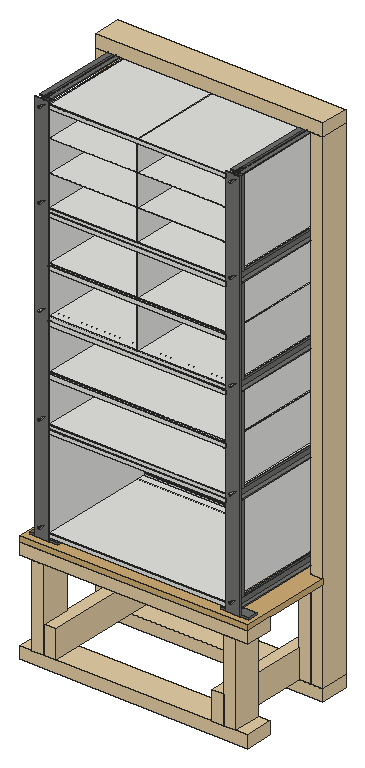
Revit family "Mailboxes_Aluminum-Data_Distribution_System-Salsbury_Industries-4_Unit_High_Wall_Installation", category Specialty Equipment, host Wall, Revit 2016
Family settings
  Host = Wall
  Part Type = Normal
  Round Connector Dimension = Use Diameter
  OmniClass Number = 23.40.90.14.11
  OmniClass Title = Mail Boxes
  Always vertical = Yes
  Cut with Voids When Loaded = No
  Shared = No
  Room Calculation Point = No
Parameters (values of type "Single Column Installation-2400 Series Mailboxes-4 High")
  Version = "2.0 (06/30/18)"
  URL = "www.mailboxes.com"
  Type Comments = "Data Distribution System for Aluminum Mailbox Units"
  Trim Material = Steel - Salsbury Finish - Black
  Starter and Add On Configuration (not applicable) = yes
  Starter Configuration (not applicable) = yes
  Rough Opening Width = 25.375"
  Rough Opening Height = 49.500"
  Rack Ladder Spacing = 23.875"
  Right RO Offset = 1.500"
  Rack Ladder Offset = 0.750"
  Rack Ladder Height = Rack Ladder Units : 2200C4
  Platform Material = Plywood
  OmniClass 23 Title = "Mail Boxes"
  OmniClass 23 Number = "23.40.90.14.11"
  Model = "2400 Series"
  MasterFormat Title = "Postal Specialties"
  MasterFormat Number = "10 55 00"
  Manufacturer = "Salsbury Industries"
  Lock Material = Stainless Steel -Salsbury Finish - Polished
  Left RO Offset = 1.500"
  Front Panel Material = Aluminum - Salsbury Finish - Aluminum
  End Column and Add On Configuration (not applicable) = yes
  Description = "4 Unit High  Installation - Single Column"
  Base Height [instance] = 13.780"
  Base Depth = 16.000"
  Back Enclosure Material = Steel - Salsbury Finish - Clear
  Assembly Code = "C1030910"
  2x4 Platform Support = Softwood, Lumber
  2400 Series Mailbox - Location 4 [instance] = Data Distribution Mailbox Units : 2406
  2400 Series Mailbox - Location 3 [instance] = Data Distribution Mailbox Units : 2404
  2400 Series Mailbox - Location 2 [instance] = Data Distribution Mailbox Units : 2402
  2400 Series Mailbox - Location 1 [instance] = Data Distribution Mailbox Units : 2401
Reference planes (in)
  plane 1 "Center of Wall": y = 0
  plane 2 "Center (Left/Right)": x = 0
  plane 3 "Front Face of Wall": y = 2.4375
  plane 4 "Left Side of RO": x = 12.6875
  plane 5 "Right Side of RO": x = -12.6875
  plane 6 "Top of RO": z = 63.28
  plane 7 "Bottom of RO": z = 13.78
  plane 8 "Back of Platform": y = -13.5625
  plane 9 "Floor": z = 0
  plane 10 "Back Face of Wall": y = -2.4375
  plane 11: y = -9.0625
  plane 12 "Base-Back Bottom Frame": z = 1.5
  plane 13 "Base-Back TopFrame": z = 11.655
  plane 14 "Base Center-Back TopFrame": z = 12.405
  plane 15 "Base Center-Back Bottom Frame": z = 0.75
  plane 16 "Bottom of Platform": z = 13.155
  plane 17 "Brace/Support Align-Right": x = -11.1875
  plane 18 "Brace/Support Align-Left": x = 11.1875
  plane 19 "Wall Opening Extension - Left": x = 14.1875
  plane 20 "Wall Opening Extension - Right": x = -14.1875
  plane 21 "Wall Opening Extension - Top": z = 64.78
  plane 22 "Right Rack Ladder Align": x = -11.9375
  plane 23 "Left Rack Ladder Align": x = 11.9375
  plane 24: z = 5
  plane 25: y = -1.75
  plane 26: y = 1.75
  plane 27 "Mail Align 1": z = 14.7175
  plane 28: z = 26.8425
  plane 29: z = 38.9675
  plane 30: z = 51.0925
  plane 31: z = 63.2175
  plane 32: z = 75.3425
  plane 33 "Center of Mailboxes": x = 0
  plane 34 "Mailbox Side Align": x = 11.5935
  plane 35: x = -12.6875
  plane 36: x = 12.6875
  plane 37: y = 2.0625
  plane 38: x = 9.6875
  plane 39: x = -9.6875
  plane 40: y = -10.0625
  plane 41 "15"AFF - Low Reach Limit": z = 15
Forms (in)
  Extrusion 1, void
    sketch origin (0, 0, 0) x (1, 0, 0) y (0, 0, 1)
      loop
        line (12.6875, 63.28) -> (-12.6875, 63.28) -> (-12.6875, 13.78) -> (12.6875, 13.78) -> (12.6875, 63.28)
    from -2.4375 to 2.4375
  Extrusion 2, void
    sketch origin (0, -2.4375, 0) x (-1, 0, 0) y (0, 0, 1)
      loop
        line (12.6875, 13.78) -> (-12.6875, 13.78) -> (-12.6875, 0) -> (12.6875, 0) -> (12.6875, 13.78)
    from 0 to 4.5
  Extrusion 3, solid, material "Softwood, Lumber" <- "2x4 Platform Support"
    sketch origin (0, 0, 0) x (1, 0, 0) y (0, 1, 0)
      loop
        line (14.1875, -13.5625) -> (14.1875, -10.0625) -> (-14.1875, -10.0625) -> (-14.1875, -13.5625) -> (14.1875, -13.5625)
    from 0 to 1.5
  Extrusion 4, solid, material "Softwood, Lumber" <- "2x4 Platform Support"
    sketch origin (0, 11.8125, 0) x (1, 0, 0) y (0, 1, 0)
      loop
        line (14.1875, -13.5625) -> (14.1875, -10.0625) -> (-14.1875, -10.0625) -> (-14.1875, -13.5625) -> (14.1875, -13.5625)
    from 0 to 1.5
  Extrusion 5, solid, material "Softwood, Lumber" <- "2x4 Platform Support"
    sketch origin (0, 0, 11.655) x (1, 0, 0) y (0, 1, 0)
      loop
        line (14.1875, -13.5625) -> (14.1875, -10.0625) -> (-14.1875, -10.0625) -> (-14.1875, -13.5625) -> (14.1875, -13.5625)
    from 0 to 1.5
  Extrusion 6, solid, material "Softwood, Lumber" <- "2x4 Platform Support"
    sketch origin (0, 0, 11.655) x (1, 0, 0) y (0, 1, 0)
      loop
        line (12.6875, -1.75) -> (12.6875, 1.75) -> (-12.6875, 1.75) -> (-12.6875, -1.75) -> (12.6875, -1.75)
    from 0 to 1.5
  Extrusion 7, solid, material "Softwood, Lumber" <- "2x4 Platform Support"
    sketch origin (-12.6875, 0, 0) x (0, 0, -1) y (0, 1, 0)
      loop
        line (-11.655, -13.5625) -> (-1.5, -13.5625) -> (-1.5, -10.0625) -> (-11.655, -10.0625) -> (-11.655, -13.5625)
    from 0 to 1.5
  Extrusion 8, solid, material "Softwood, Lumber" <- "2x4 Platform Support"
    sketch origin (-12.6875, 0, 0) x (0, 0, -1) y (0, 1, 0)
      loop
        line (-11.655, -1.75) -> (-1.5, -1.75) -> (-1.5, 1.75) -> (-11.655, 1.75) -> (-11.655, -1.75)
    from 0 to 1.5
  Extrusion 9, solid, material "Softwood, Lumber" <- "2x4 Platform Support", visible <- "End Column and Add On Configuration (not applicable)"
    sketch origin (12.6875, 0, 0) x (0, 0, -1) y (0, 1, 0)
      loop
        line (-11.655, -13.5625) -> (-1.5, -13.5625) -> (-1.5, -10.0625) -> (-11.655, -10.0625) -> (-11.655, -13.5625)
    from 0 to -1.5
  Extrusion 10, solid, material "Softwood, Lumber" <- "2x4 Platform Support", visible <- "End Column and Add On Configuration (not applicable)"
    sketch origin (12.6875, 0, 0) x (0, 0, -1) y (0, 1, 0)
      loop
        line (-11.655, -1.75) -> (-1.5, -1.75) -> (-1.5, 1.75) -> (-11.655, 1.75) -> (-11.655, -1.75)
    from 0 to -1.5
  Extrusion 11, solid, material "Softwood, Lumber" <- "2x4 Platform Support"
    sketch origin (-11.1875, 0, 0) x (0, 0, -1) y (0, -1, 0)
      loop
        line (-1.5, 13.5625) -> (-5, 13.5625) -> (-5, -1.75) -> (-1.5, -1.75) -> (-1.5, 13.5625)
    from 0 to -1.5
  Extrusion 12, solid, material "Softwood, Lumber" <- "2x4 Platform Support", visible <- "End Column and Add On Configuration (not applicable)"
    sketch origin (11.1875, 0, 0) x (0, 0, -1) y (0, -1, 0)
      loop
        line (-1.5, 13.5625) -> (-5, 13.5625) -> (-5, -1.75) -> (-1.5, -1.75) -> (-1.5, 13.5625)
    from 0 to 1.5
  Extrusion 13, void
    sketch origin (0, 0, 64.78) x (0, -1, 0) y (1, 0, 0)
      loop
        line (2.4375, -14.1875) -> (2.4375, 14.1875) -> (-2.06201, 14.1875) -> (-2.06201, -14.1875) -> (2.4375, -14.1875)
    from -64.78 to 0
  Extrusion 14, solid, material "Softwood, Lumber" <- "2x4 Platform Support", visible <- "End Column and Add On Configuration (not applicable)"
    sketch origin (14.1875, 0, 0) x (0, -1, 0) y (0, 0, 1)
      loop
        line (1.75, 1.5) -> (1.75, 63.28) -> (-1.75, 63.28) -> (-1.75, 1.5) -> (1.75, 1.5)
    from 0 to 1.5
  Extrusion 15, solid, material "Softwood, Lumber" <- "2x4 Platform Support", visible <- "Starter and Add On Configuration (not applicable)"
    sketch origin (-14.1875, 0, 0) x (0, -1, 0) y (0, 0, 1)
      loop
        line (1.75, 1.5) -> (1.75, 63.28) -> (-1.75, 63.28) -> (-1.75, 1.5) -> (1.75, 1.5)
    from 0 to -1.5
  Extrusion 16, solid, material "Softwood, Lumber" <- "2x4 Platform Support"
    sketch origin (0, 11.8125, 64.78) x (0, -1, 0) y (1, 0, 0)
      loop
        line (13.5625, 14.1875) -> (10.0625, 14.1875) -> (10.0625, -14.1875) -> (13.5625, -14.1875) -> (13.5625, 14.1875)
    from 0 to -1.5
  Extrusion 17, solid, material "Plywood" <- "Platform Material"
    sketch origin (0, 0, 13.155) x (0, -1, 0) y (1, 0, 0)
      loop
        line (13.5625, -14.1875) -> (13.5625, 14.1875) -> (-2.0625, 14.1875) -> (-2.0625, -14.1875) -> (13.5625, -14.1875)
    from 0 to 0.625
  Extrusion 18, void
    sketch origin (-12.6875, 0, 0) x (0, 0, -1) y (0, 1, 0)
      loop
        line (-13.155, 2.0625) -> (-13.78, 2.0625) -> (-13.78, -1.75) -> (-13.155, -1.75) -> (-13.155, 2.0625)
    from 0 to -1.5
  Extrusion 19, void
    sketch origin (12.6875, 0, 0) x (0, 0, -1) y (0, 1, 0)
      loop
        line (-13.155, 2.0625) -> (-13.78, 2.0625) -> (-13.78, -1.75) -> (-13.155, -1.75) -> (-13.155, 2.0625)
    from 0 to 1.5
Cuts and joins
  Extrusion 18 cuts Extrusion 6
  Extrusion 18, Extrusion 19 cuts Extrusion 17
Lines and regions (in)
  symbolic lines
    curve 1: line (-14.1875, -13.5625, 14.7175) -> (14.1875, -13.5625, 14.7175)
    curve 2: line (-14.1875, 1.75, 14.7175) -> (-14.1875, -13.5625, 14.7175)
    curve 3: line (14.1875, 1.75, 14.7175) -> (-14.1875, 1.75, 14.7175)
    curve 4: line (14.1875, -13.5625, 14.7175) -> (14.1875, 1.75, 14.7175)
    curve 5: line (-14.1875, -1.75, 14.7175) -> (14.1875, -1.75, 14.7175)
    curve 6: line (-12.6875, -1.75, 64.78) -> (-12.6875, 1.75, 64.78)
    curve 7: line (-12.6875, -1.75, 0) -> (-12.6875, -1.75, 64.78)
    curve 8: line (-12.6875, 1.75, 0) -> (-12.6875, -1.75, 0)
    curve 9: line (-12.6875, 1.75, 64.78) -> (-12.6875, 1.75, 0)
    curve 10: line (-12.6875, -13.5625, 13.155) -> (-12.6875, -10.0625, 13.155)
    curve 11: line (-12.6875, -13.5625, 0) -> (-12.6875, -13.5625, 13.155)
    curve 12: line (-12.6875, -10.0625, 0) -> (-12.6875, -13.5625, 0)
    curve 13: line (-12.6875, -10.0625, 13.155) -> (-12.6875, -10.0625, 0)
    curve 14: line (-12.6875, -13.5625, 11.655) -> (-12.6875, -10.0625, 11.655)
    curve 15: line (-12.6875, -13.5625, 1.5) -> (-12.6875, 1.75, 1.5)
    curve 16: line (-12.6875, -10.0625, 5) -> (-12.6875, -1.75, 5)
    curve 17: line (-12.6875, -13.5625, 13.78) -> (-12.6875, -1.75, 13.78)
    curve 18: line (-12.6875, -13.5625, 13.155) -> (-12.6875, -13.5625, 13.78)
    curve 19: line (-12.6875, -1.75, 13.155) -> (-12.6875, -13.5625, 13.155)
    curve 20: line (-12.6875, -1.75, 63.28) -> (-12.6875, 1.75, 63.28)
    curve 21: line (-14.1875, 0, 64.78) -> (14.1875, 0, 64.78)
    curve 22: line (-14.1875, 0, 63.28) -> (-14.1875, 0, 64.78)
    curve 23: line (14.1875, 0, 63.28) -> (-14.1875, 0, 63.28)
    curve 24: line (14.1875, 0, 64.78) -> (14.1875, 0, 63.28)
    curve 25: line (-14.1875, 0, 63.28) -> (-14.1875, 0, 1.5)
    curve 26: line (14.1875, 0, 63.28) -> (14.1875, 0, 1.5)
    curve 27: line (-14.1875, 0, 0) -> (14.1875, 0, 0)
    curve 28: line (-14.1875, 0, 1.5) -> (-14.1875, 0, 0)
    curve 29: line (14.1875, 0, 1.5) -> (-14.1875, 0, 1.5)
    curve 30: line (14.1875, 0, 0) -> (14.1875, 0, 1.5)
    curve 31: line (-14.1875, 0, 13.155) -> (14.1875, 0, 13.155)
    curve 32: line (-14.1875, 0, 13.78) -> (14.1875, 0, 13.78)
    curve 33: line (14.1875, 0, 11.655) -> (-14.1875, 0, 11.655)
    curve 34: line (-12.6875, 0, 1.5) -> (-12.6875, 0, 11.655)
    curve 35: line (-11.1875, 0, 1.5) -> (-11.1875, 0, 11.655)
    curve 36: line (-9.6875, 0, 1.5) -> (-9.6875, 0, 5)
    curve 37: line (-11.1875, 0, 5) -> (-9.6875, 0, 5)
    curve 38: line (11.1875, 0, 1.5) -> (11.1875, 0, 11.655)
    curve 39: line (12.6875, 0, 1.5) -> (12.6875, 0, 11.655)
    curve 40: line (9.6875, 0, 1.5) -> (9.6875, 0, 5)
    curve 41: line (11.1875, 0, 5) -> (9.6875, 0, 5)
Text (in)
  text "Placement Side" at (0, 40.15149, 123.01588), in view "Right"
  text "Placement Side" at (-58.6842, 42.74981, 0), in view "Ref. Level"
  text "Placement Side" at (0, 47.49176, 140.59947), in view "Left"
Dimensions and locks (in)
  locked: plane 3 "Front Face of Wall" to host wall
  equal spacing: plane 4 "Left Side of RO", plane 2 "Center (Left/Right)", plane 5 "Right Side of RO"
  "Rough Opening Width": plane 4 "Left Side of RO" to plane 5 "Right Side of RO"
  "Rough Opening Height": plane 7 "Bottom of RO" to plane 6 "Top of RO"
  "Base Height": plane 9 "Floor" to plane 7 "Bottom of RO"
  "Base Depth": plane 8 "Back of Platform" to plane 3 "Front Face of Wall"
  plane 8 "Back of Platform" to plane 11 = 4.500"
  plane 24 to plane 12 "Base-Back Bottom Frame" to plane 15 "Base Center-Back Bottom Frame" to plane 9 "Floor" = 3.500", 0.750", 0.750"
  plane 7 "Bottom of RO" to plane 16 "Bottom of Platform" to plane 14 "Base Center-Back TopFrame" to plane 13 "Base-Back TopFrame" = 0.625", 0.750", 0.750"
  plane 5 "Right Side of RO" to plane 17 "Brace/Support Align-Right" to plane 39 = 1.500" locked, 1.500" locked
  plane 38 to plane 18 "Brace/Support Align-Left" to plane 4 "Left Side of RO" = 1.500" locked, 1.500" locked
  "Left RO Offset": plane 4 "Left Side of RO" to plane 19 "Wall Opening Extension - Left"
  "Right RO Offset": plane 20 "Wall Opening Extension - Right" to plane 5 "Right Side of RO"
  locked: plane 21 "Wall Opening Extension - Top" to plane 6 "Top of RO" at 1.5
  "Rack Ladder Spacing": plane 22 "Right Rack Ladder Align" to plane 23 "Left Rack Ladder Align"
  plane 25 to plane 1 "Center of Wall" to plane 26 = 1.750", 1.750"
  "Rack Ladder Offset": plane 22 "Right Rack Ladder Align" to plane 5 "Right Side of RO"
  plane 32 to plane 31 to plane 30 to plane 29 to plane 28 to plane 27 "Mail Align 1" to plane 7 "Bottom of RO" = 12.125", 12.125", 12.125", 12.125", 12.125", 0.9375"
  equal spacing: plane 22 "Right Rack Ladder Align", plane 33 "Center of Mailboxes", plane 23 "Left Rack Ladder Align"
  locked: plane 34 "Mailbox Side Align" to plane 23 "Left Rack Ladder Align" at 0.344
  locked: plane 20 "Wall Opening Extension - Right" to plane 35 at 1.5
  locked: plane 36 to plane 19 "Wall Opening Extension - Left" at 1.5
  locked: plane 37 to plane 3 "Front Face of Wall" at 0.375
  locked: plane 41 "15"AFF - Low Reach Limit" to plane 9 "Floor" at 15
  aligned and locked: plane 9 "Floor" to level
  aligned and locked: plane 6 "Top of RO" to Extrusion 1 sketch curve
  aligned and locked: plane 5 "Right Side of RO" to Extrusion 1 sketch curve
  aligned and locked: Extrusion 1 sketch curve to plane 4 "Left Side of RO"
  aligned and locked: Extrusion 1 sketch curve to plane 7 "Bottom of RO"
  aligned and locked: host wall to Extrusion 1  (x2)
  aligned and locked: plane 10 "Back Face of Wall" to host wall
  aligned and locked: plane 7 "Bottom of RO" to Extrusion 2 sketch curve
  aligned and locked: Extrusion 2 sketch curve to plane 4 "Left Side of RO"
  aligned and locked: plane 5 "Right Side of RO" to Extrusion 2 sketch curve
  aligned and locked: Extrusion 2 sketch curve to plane 9 "Floor"
  aligned and locked: Extrusion 3 to plane 12 "Base-Back Bottom Frame"
  aligned and locked: plane 4 "Left Side of RO" to Extrusion 6
  aligned and locked: Extrusion 6 to plane 5 "Right Side of RO"
  aligned and locked: plane 12 "Base-Back Bottom Frame" to Extrusion 7
  aligned and locked: Extrusion 7 to plane 13 "Base-Back TopFrame"
  aligned and locked: plane 13 "Base-Back TopFrame" to Extrusion 5
  aligned and locked: plane 12 "Base-Back Bottom Frame" to Extrusion 8
  aligned and locked: plane 12 "Base-Back Bottom Frame" to Extrusion 9
  aligned and locked: plane 12 "Base-Back Bottom Frame" to Extrusion 10
  aligned and locked: Extrusion 9 to plane 13 "Base-Back TopFrame"
  aligned and locked: Extrusion 10 to plane 13 "Base-Back TopFrame"
  aligned and locked: Extrusion 4 to Extrusion 12
  aligned and locked: Extrusion 4 to Extrusion 11
  aligned and locked: Extrusion 13 sketch curve to plane 20 "Wall Opening Extension - Right"
  aligned and locked: plane 19 "Wall Opening Extension - Left" to Extrusion 13 sketch curve
  aligned and locked: Extrusion 4 to plane 19 "Wall Opening Extension - Left"
  aligned and locked: plane 20 "Wall Opening Extension - Right" to Extrusion 4
  aligned and locked: Extrusion 17 to plane 7 "Bottom of RO"
  aligned and locked: Extrusion 13 to level
  aligned and locked: plane 24 to Extrusion 12
  aligned and locked: Extrusion 11 to plane 24
  aligned and locked: nested 1 to plane 7 "Bottom of RO"
  aligned and locked: nested 2 to plane 23 "Left Rack Ladder Align"
  aligned and locked: nested 1 to plane 22 "Right Rack Ladder Align"
  aligned and locked: plane 7 "Bottom of RO" to nested 2
  aligned and locked: plane 3 "Front Face of Wall" to nested 1
  aligned and locked: nested 2 to plane 3 "Front Face of Wall"
  aligned and locked: Extrusion 5 to Extrusion 4
  aligned and locked: Extrusion 5 to plane 19 "Wall Opening Extension - Left"
  aligned and locked: Extrusion 5 to Extrusion 17
  aligned and locked: Extrusion 17 to Extrusion 5
  aligned and locked: Extrusion 4 to Extrusion 3  (x2)
  aligned and locked: Extrusion 4 to plane 12 "Base-Back Bottom Frame"
  aligned and locked: plane 12 "Base-Back Bottom Frame" to Extrusion 15
  aligned and locked: Extrusion 15 to plane 6 "Top of RO"
  aligned and locked: Extrusion 14 to plane 6 "Top of RO"
  aligned and locked: Extrusion 16 to plane 19 "Wall Opening Extension - Left"
  aligned and locked: plane 20 "Wall Opening Extension - Right" to Extrusion 16
  aligned and locked: Extrusion 17 to Extrusion 3  (x2)
  aligned and locked: plane 25 to Extrusion 4
  aligned and locked: Extrusion 4 to plane 26
  aligned and locked: plane 25 to Extrusion 14
  aligned and locked: Extrusion 14 to plane 26
  aligned and locked: Extrusion 10 to plane 26
  aligned and locked: plane 25 to Extrusion 10
  aligned and locked: plane 25 to cut or joined group of Extrusion 6, Extrusion 18
  aligned and locked: cut or joined group of Extrusion 6, Extrusion 18 to plane 26
  aligned and locked: plane 25 to Extrusion 8
  aligned and locked: Extrusion 8 to plane 26
  aligned and locked: Extrusion 16 to plane 26  (x2)
  aligned and locked: plane 25 to Extrusion 16
  aligned and locked: cut or joined group of Extrusion 17, Extrusion 18, Extrusion 19 to Extrusion 18
  aligned and locked: Extrusion 18 to Extrusion 4
  aligned and locked: Extrusion 19 to cut or joined group of Extrusion 17, Extrusion 18, Extrusion 19
  aligned and locked: Extrusion 4 to Extrusion 19
  aligned and locked: nested 4 to plane 3 "Front Face of Wall"
  aligned and locked: nested 6 to plane 3 "Front Face of Wall"
  aligned and locked: nested 5 to plane 3 "Front Face of Wall"
  aligned and locked: plane 27 "Mail Align 1" to nested 3
  aligned and locked: plane 28 to nested 4
  aligned and locked: plane 29 to nested 5
  aligned and locked: plane 30 to nested 6
  aligned and locked: nested 3 to plane 3 "Front Face of Wall"
  aligned and locked: nested 6 to plane 34 "Mailbox Side Align"
  aligned and locked: nested 5 to plane 34 "Mailbox Side Align"
  aligned and locked: nested 4 to plane 34 "Mailbox Side Align"
  aligned and locked: nested 3 to plane 34 "Mailbox Side Align"
  aligned and locked: Extrusion 15 to plane 26
  aligned and locked: plane 25 to Extrusion 15
  aligned and locked: plane 25 to Extrusion 15 sketch curve
  aligned and locked: Extrusion 15 sketch curve to plane 26
  aligned and locked: Extrusion 15 sketch curve to plane 6 "Top of RO"
  aligned and locked: plane 12 "Base-Back Bottom Frame" to Extrusion 15 sketch curve
  aligned and locked: Extrusion 15 to plane 35
  aligned and locked: plane 20 "Wall Opening Extension - Right" to Extrusion 15
  aligned and locked: plane 12 "Base-Back Bottom Frame" to Extrusion 14 sketch curve
  aligned and locked: plane 25 to Extrusion 14 sketch curve
  aligned and locked: Extrusion 14 sketch curve to plane 26
  aligned and locked: Extrusion 14 sketch curve to plane 6 "Top of RO"
  aligned and locked: Extrusion 14 to plane 36
  aligned and locked: Extrusion 14 to plane 19 "Wall Opening Extension - Left"
  aligned and locked: plane 26 to Extrusion 16 sketch curve
  aligned and locked: Extrusion 16 sketch curve to plane 20 "Wall Opening Extension - Right"
  aligned and locked: Extrusion 16 sketch curve to plane 25
  aligned and locked: plane 19 "Wall Opening Extension - Left" to Extrusion 16 sketch curve
  aligned and locked: Extrusion 16 to plane 21 "Wall Opening Extension - Top"
  aligned and locked: plane 6 "Top of RO" to Extrusion 16
  aligned and locked: plane 20 "Wall Opening Extension - Right" to Extrusion 17 sketch curve
  aligned and locked: Extrusion 17 sketch curve to plane 19 "Wall Opening Extension - Left"
  aligned and locked: plane 8 "Back of Platform" to Extrusion 17 sketch curve
  aligned and locked: plane 37 to Extrusion 17 sketch curve
  aligned and locked: plane 16 "Bottom of Platform" to cut or joined group of Extrusion 17, Extrusion 18, Extrusion 19
  aligned and locked: plane 5 "Right Side of RO" to Extrusion 6 sketch curve
  aligned and locked: plane 26 to Extrusion 6 sketch curve
  aligned and locked: Extrusion 6 sketch curve to plane 25
  aligned and locked: Extrusion 6 sketch curve to plane 4 "Left Side of RO"
  aligned and locked: plane 13 "Base-Back TopFrame" to cut or joined group of Extrusion 6, Extrusion 18
  aligned and locked: cut or joined group of Extrusion 6, Extrusion 18 to plane 16 "Bottom of Platform"
  aligned and locked: plane 40 to Extrusion 5 sketch curve
  aligned and locked: Extrusion 5 sketch curve to plane 8 "Back of Platform"
  aligned and locked: Extrusion 5 sketch curve to plane 20 "Wall Opening Extension - Right"
  aligned and locked: plane 19 "Wall Opening Extension - Left" to Extrusion 5 sketch curve
  aligned and locked: Extrusion 5 to plane 16 "Bottom of Platform"
  aligned and locked: plane 13 "Base-Back TopFrame" to Extrusion 8 sketch curve
  aligned and locked: Extrusion 8 sketch curve to plane 25
  aligned and locked: plane 26 to Extrusion 8 sketch curve
  aligned and locked: Extrusion 8 sketch curve to plane 12 "Base-Back Bottom Frame"
  aligned and locked: Extrusion 8 to plane 17 "Brace/Support Align-Right"
  aligned and locked: Extrusion 8 to plane 5 "Right Side of RO"
  aligned and locked: plane 13 "Base-Back TopFrame" to Extrusion 7 sketch curve
  aligned and locked: Extrusion 7 sketch curve to plane 12 "Base-Back Bottom Frame"
  aligned and locked: plane 40 to Extrusion 7 sketch curve
  aligned and locked: Extrusion 7 sketch curve to plane 8 "Back of Platform"
  aligned and locked: Extrusion 7 to plane 17 "Brace/Support Align-Right"
  aligned and locked: Extrusion 7 to plane 5 "Right Side of RO"
  aligned and locked: Extrusion 11 sketch curve to plane 24
  aligned and locked: plane 12 "Base-Back Bottom Frame" to Extrusion 11 sketch curve
  aligned and locked: plane 8 "Back of Platform" to Extrusion 11 sketch curve
  aligned and locked: Extrusion 11 sketch curve to plane 26
  aligned and locked: plane 39 to Extrusion 11
  aligned and locked: plane 17 "Brace/Support Align-Right" to Extrusion 11
  aligned and locked: plane 13 "Base-Back TopFrame" to Extrusion 10 sketch curve
  aligned and locked: Extrusion 10 sketch curve to plane 12 "Base-Back Bottom Frame"
  aligned and locked: Extrusion 10 sketch curve to plane 25
  aligned and locked: plane 26 to Extrusion 10 sketch curve
  aligned and locked: plane 4 "Left Side of RO" to Extrusion 10
  aligned and locked: plane 18 "Brace/Support Align-Left" to Extrusion 10
  aligned and locked: plane 13 "Base-Back TopFrame" to Extrusion 9 sketch curve
  aligned and locked: Extrusion 9 sketch curve to plane 12 "Base-Back Bottom Frame"
  aligned and locked: plane 40 to Extrusion 9 sketch curve
  aligned and locked: Extrusion 9 sketch curve to plane 8 "Back of Platform"
  aligned and locked: plane 4 "Left Side of RO" to Extrusion 9
  aligned and locked: plane 18 "Brace/Support Align-Left" to Extrusion 9
  aligned and locked: Extrusion 12 sketch curve to plane 26
  aligned and locked: Extrusion 12 sketch curve to plane 24
  aligned and locked: plane 12 "Base-Back Bottom Frame" to Extrusion 12 sketch curve
  aligned and locked: plane 8 "Back of Platform" to Extrusion 12 sketch curve
  aligned and locked: Extrusion 12 to plane 18 "Brace/Support Align-Left"
  aligned and locked: Extrusion 12 to plane 38
  aligned and locked: plane 26 to Extrusion 4 sketch curve
  aligned and locked: Extrusion 4 sketch curve to plane 25
  aligned and locked: plane 19 "Wall Opening Extension - Left" to Extrusion 4 sketch curve
  aligned and locked: Extrusion 4 sketch curve to plane 20 "Wall Opening Extension - Right"
  aligned and locked: plane 9 "Floor" to Extrusion 4
  aligned and locked: plane 40 to Extrusion 3 sketch curve
  aligned and locked: Extrusion 3 sketch curve to plane 8 "Back of Platform"
  aligned and locked: plane 19 "Wall Opening Extension - Left" to Extrusion 3 sketch curve
  aligned and locked: Extrusion 3 sketch curve to plane 20 "Wall Opening Extension - Right"
  aligned and locked: plane 9 "Floor" to Extrusion 3
  aligned and locked: plane 8 "Back of Platform" to curve 1
  aligned and locked: plane 20 "Wall Opening Extension - Right" to curve 2
  aligned and locked: curve 4 to plane 19 "Wall Opening Extension - Left"
  aligned and locked: plane 20 "Wall Opening Extension - Right" to curve 5
  aligned and locked: plane 19 "Wall Opening Extension - Left" to curve 5
  aligned and locked: plane 25 to curve 5
  aligned and locked: curve 7 to plane 25
  aligned and locked: plane 21 "Wall Opening Extension - Top" to curve 6
  aligned and locked: plane 26 to curve 9
  aligned and locked: curve 8 to plane 9 "Floor"
  aligned and locked: curve 12 to plane 9 "Floor"
  aligned and locked: plane 40 to curve 13
  aligned and locked: curve 11 to plane 8 "Back of Platform"
  aligned and locked: plane 16 "Bottom of Platform" to curve 10
  aligned and locked: plane 13 "Base-Back TopFrame" to curve 14
  aligned and locked: plane 12 "Base-Back Bottom Frame" to curve 15
  aligned and locked: plane 40 to curve 16
  aligned and locked: plane 25 to curve 16
  aligned and locked: plane 24 to curve 16
  aligned and locked: plane 7 "Bottom of RO" to curve 17
  aligned and locked: curve 19 to plane 16 "Bottom of Platform"
  aligned and locked: curve 18 to plane 8 "Back of Platform"
  aligned and locked: plane 26 to curve 20
  aligned and locked: plane 6 "Top of RO" to curve 20
  aligned and locked: curve 23 to plane 6 "Top of RO"
  aligned and locked: plane 21 "Wall Opening Extension - Top" to curve 21
  aligned and locked: plane 19 "Wall Opening Extension - Left" to curve 24
  aligned and locked: curve 22 to plane 20 "Wall Opening Extension - Right"
  aligned and locked: plane 6 "Top of RO" to curve 25
  aligned and locked: plane 12 "Base-Back Bottom Frame" to curve 25
  aligned and locked: plane 19 "Wall Opening Extension - Left" to curve 26
  aligned and locked: curve 29 to plane 12 "Base-Back Bottom Frame"
  aligned and locked: plane 9 "Floor" to curve 27
  aligned and locked: plane 20 "Wall Opening Extension - Right" to curve 28
  aligned and locked: curve 30 to plane 19 "Wall Opening Extension - Left"
  aligned and locked: plane 16 "Bottom of Platform" to curve 31
  aligned and locked: plane 20 "Wall Opening Extension - Right" to curve 33
  aligned and locked: plane 19 "Wall Opening Extension - Left" to curve 33
  aligned and locked: plane 7 "Bottom of RO" to curve 32
  aligned and locked: curve 33 to plane 13 "Base-Back TopFrame"
  aligned and locked: plane 24 to curve 36
  aligned and locked: curve 34 to plane 35
  aligned and locked: curve 35 to plane 17 "Brace/Support Align-Right"
  aligned and locked: plane 39 to curve 36
  aligned and locked: plane 17 "Brace/Support Align-Right" to curve 37
  aligned and locked: plane 39 to curve 37
  aligned and locked: plane 24 to curve 37
  aligned and locked: plane 13 "Base-Back TopFrame" to curve 39
  aligned and locked: plane 24 to curve 40
  aligned and locked: curve 39 to plane 36
  aligned and locked: curve 38 to plane 18 "Brace/Support Align-Left"
  aligned and locked: plane 38 to curve 40
  aligned and locked: plane 18 "Brace/Support Align-Left" to curve 41
  aligned and locked: plane 38 to curve 41
  aligned and locked: curve 41 to plane 24
Automatic sketch dimensions
  host wall to Extrusion 13 sketch curve = 0.000"
  Extrusion 13 sketch curve to host wall = 0.37549"
  plane 7 "Bottom of RO" to Extrusion 18 sketch curve = 0.000"
  plane 16 "Bottom of Platform" to Extrusion 18 sketch curve = 0.000"
  Extrusion 18 sketch curve to host wall = 0.6875"
  Extrusion 18 sketch curve to host wall = 0.375"
  plane 7 "Bottom of RO" to Extrusion 19 sketch curve = 0.000"
  plane 16 "Bottom of Platform" to Extrusion 19 sketch curve = 0.000"
  Extrusion 19 sketch curve to host wall = 0.6875"
  Extrusion 19 sketch curve to host wall = 0.375"
  plane 26 to curve 4 = 0.000"
Nested families (in)
  nested 1: "Rack Ladder Units" at (-11.9375, -5.125, 13.78), type <- "Rack Ladder Height", type "2200C4"
  nested 2: "Rack Ladder Units" at (11.9375, -5.125, 13.78) x (-1, 0, 0) z (0, 0, 1), type <- "Rack Ladder Height", visible <- "End Column and Add On Configuration (not applicable)", type "2200C4"
  nested 3: "Data Distribution Mailbox Units" at (-0.0315, -5.3125, 14.7175) x (-1, 0, 0) z (0, 0, 1), type <- "2400 Series Mailbox - Location 1", type "2401"
  nested 4: "Data Distribution Mailbox Units" at (-0.0315, -5.3125, 26.8425) x (-1, 0, 0) z (0, 0, 1), type <- "2400 Series Mailbox - Location 2", type "2402"
  nested 5: "Data Distribution Mailbox Units" at (-0.0315, -5.3125, 38.9675) x (-1, 0, 0) z (0, 0, 1), type <- "2400 Series Mailbox - Location 3", type "2404"
  nested 6: "Data Distribution Mailbox Units" at (-0.0315, -5.3125, 51.0925) x (-1, 0, 0) z (0, 0, 1), type <- "2400 Series Mailbox - Location 4", type "2406"
Definition of nested family "Rack Ladder Units"
  Parameters (values of type "2200C3")
    Width = 3.500"
    Visible = yes
    Version = "1.0 (04/30/16)"
    Type Comments = "Rack Ladder for Aluminum Mailboxes"
    Trim Material = none
    Number of Dividers = 3
    Model = "2200C3"
    Manufacturer = "Salsbury Industries"
    Lock Material = none
    Height = 37.375"
    Divider Spacing = 24.250"
    Description = "3 High - Custom"
    Depth = 15.875"
  Types (7): name | Visible | Number of Dividers | Model | Height | Divider Spacing | Description
    (no name) | yes | 3 | "2200C3" | 37.375" | 24.250" | "3 High - Custom"
    2200C6 | yes | 6 | "2200C6" | 73.750" | 60.625" | "6 High - Custom"
    2200C5 | yes | 5 | "2200C5" | 61.625" | 48.500" | "5 High - Standard"
    2200C4 | yes | 4 | "2200C4" | 49.500" | 36.375" | "4 High - Custom"
    2200C3 | yes | 3 | "2200C3" | 37.375" | 24.250" | "3 High - Custom"
    2200C2 | yes | 2 | "2200C2" | 25.250" | 12.125" | "2 High - Custom"
    None | no | 2 | "2200C2" | 25.250" | 12.125" | "2 High - Custom"
  Reference planes (in)
    plane 1 "Center (Front/Back)": y = 0
    plane 2 "bottom": z = 0
    plane 3 "Center (Left/Right)": x = 0
    plane 4 "left": y = -7.5625
    plane 5 "right": y = 7.5625
    plane 6 "Bottom of top divider": z = 37.3125
    plane 7 "back": x = -0.625
    plane 8 "front": x = 0.625
    plane 9: z = 0.9375
    plane 10: z = 13.0625
    plane 11: z = 25.1875
    plane 12: z = 37.3125
    plane 13: z = 49.4375
    plane 14: z = 25.1875
    plane 15 "Vertical Bar Base": z = 0.25
    plane 16: y = -6.3125
    plane 17: y = 6.0625
    plane 18: x = 1.75
    plane 19: x = -1.75
    plane 20: x = 0.125
    plane 21: x = -0.125
    plane 22: y = 7.3125
    plane 23 "Divider Left Align": y = -7.3125
    plane 24: x = 0.875
    plane 25: x = -0.875
    plane 26 "Back Plate Align": y = -7.8125
    plane 27 "Divider Right Align": y = 7.0625
    plane 28: y = -7.875
    plane 29: y = -8.3125
    plane 30 "top": z = 37.375
    plane 31: y = 6.3125
  Forms (in)
    Extrusion 1, solid, material <- "Trim Material", visible <- "Visible"
      sketch origin (0, 0, 0) x (1, 0, 0) y (0, 1, 0)
        loop
          line (-1.75, -6.3125) -> (-1.75, -7.5625) -> (1.75, -7.5625) -> (1.75, -6.3125) -> (-1.75, -6.3125)
      from 0 to 0.25
    Extrusion 2, solid, material <- "Trim Material", visible <- "Visible"
      sketch origin (0, -0.125, 0.25) x (1, 0, 0) y (0, 1, 0)
        loop
          line (-0.125, -6.1875) -> (-0.125, -7.4375) -> (0.125, -7.4375) -> (0.125, -6.1875) -> (-0.125, -6.1875)
      from 0 to 37.125
    Extrusion 3, solid, material <- "Trim Material", visible <- "Visible"
      sketch origin (0, 0, 0) x (1, 0, 0) y (0, 1, 0)
        loop
          line (-0.625, 6.3125) -> (1.75, 6.3125) -> (1.75, 7.5625) -> (-0.625, 7.5625) -> (-0.625, 6.3125)
      from 0 to 0.25
    Extrusion 4, solid, material <- "Trim Material", visible <- "Visible"
      sketch origin (0, -0.25, 0.25) x (1, 0, 0) y (0, 1, 0)
        loop
          line (-0.125, 6.3125) -> (0.125, 6.3125) -> (0.125, 7.5625) -> (-0.125, 7.5625) -> (-0.125, 6.3125)
      from 0 to 37.125
    Extrusion 5, solid, material <- "Trim Material", visible <- "Visible"
      sketch origin (0, 0, 0.25) x (1, 0, 0) y (0, 1, 0)
        loop
          line (-0.625, 7.5625) -> (-0.625, 7.3125) -> (0.625, 7.3125) -> (0.625, 7.5625) -> (-0.625, 7.5625)
      from 0 to 37.125
    Extrusion 6, solid, material <- "Trim Material", visible <- "Visible"
      sketch origin (0, -0.4375, 0.25) x (1, 0, 0) y (0, 1, 0)
        loop
          line (-0.875, -7.375) -> (-0.875, -7.4375) -> (0.875, -7.4375) -> (0.875, -7.375) -> (-0.875, -7.375)
      from 0 to 37.125
  Lines and regions (in)
    symbolic lines
      curve 1: line (-1.75, -6.3125, 37.3125) -> (1.75, -6.3125, 37.3125)
      curve 2: line (-1.75, -7.5625, 37.3125) -> (-1.75, -6.3125, 37.3125)
      curve 3: line (1.75, -7.5625, 37.3125) -> (-1.75, -7.5625, 37.3125)
      curve 4: line (1.75, -6.3125, 37.3125) -> (1.75, -7.5625, 37.3125)
      curve 5: line (-0.875, -7.8125, 37.3125) -> (0.875, -7.8125, 37.3125)
      curve 6: line (-0.875, -7.875, 37.3125) -> (-0.875, -7.8125, 37.3125)
      curve 7: line (0.875, -7.875, 37.3125) -> (-0.875, -7.875, 37.3125)
      curve 8: line (0.875, -7.8125, 37.3125) -> (0.875, -7.875, 37.3125)
      curve 9: line (-0.625, 7.5625, 37.3125) -> (1.75, 7.5625, 37.3125)
      curve 10: line (-0.625, 6.3125, 37.3125) -> (-0.625, 7.5625, 37.3125)
      curve 11: line (1.75, 6.3125, 37.3125) -> (-0.625, 6.3125, 37.3125)
      curve 12: line (1.75, 7.5625, 37.3125) -> (1.75, 6.3125, 37.3125)
      curve 13: line (-0.125, -6.3125, 37.3125) -> (0.125, -6.3125, 37.3125)
      curve 14: line (-0.125, -7.5625, 37.3125) -> (-0.125, -6.3125, 37.3125)
      curve 15: line (0.125, -7.5625, 37.3125) -> (-0.125, -7.5625, 37.3125)
      curve 16: line (0.125, -6.3125, 37.3125) -> (0.125, -7.5625, 37.3125)
      curve 17: line (-0.125, 7.3125, 37.3125) -> (0.125, 7.3125, 37.3125)
      curve 18: line (-0.125, 6.0625, 37.3125) -> (-0.125, 7.3125, 37.3125)
      curve 19: line (0.125, 6.0625, 37.3125) -> (-0.125, 6.0625, 37.3125)
      curve 20: line (0.125, 7.3125, 37.3125) -> (0.125, 6.0625, 37.3125)
      curve 21: line (0, -7.5625, 37.375) -> (0, -6.3125, 37.375)
      curve 22: line (0, -7.5625, 0) -> (0, -7.5625, 37.375)
      curve 23: line (0, -6.3125, 0) -> (0, -7.5625, 0)
      curve 24: line (0, -6.3125, 37.375) -> (0, -6.3125, 0)
      curve 25: line (0, 6.0625, 37.375) -> (0, 7.5625, 37.375)
      curve 26: line (0, 6.0625, 0) -> (0, 6.0625, 37.375)
      curve 27: line (0, 7.5625, 0) -> (0, 6.0625, 0)
      curve 28: line (0, 7.5625, 37.375) -> (0, 7.5625, 0)
      curve 29: line (0, -7.875, 37.375) -> (0, -7.8125, 37.375)
      curve 30: line (0, -7.875, 0.25) -> (0, -7.875, 37.375)
      curve 31: line (0, -7.8125, 0.25) -> (0, -7.875, 0.25)
      curve 32: line (0, -7.8125, 37.375) -> (0, -7.8125, 0.25)
      curve 33: line (-0.875, 0, 37.375) -> (0.875, 0, 37.375)
      curve 34: line (-0.875, 0, 0.25) -> (-0.875, 0, 37.375)
      curve 35: line (0.875, 0, 0.25) -> (-0.875, 0, 0.25)
      curve 36: line (0.875, 0, 37.375) -> (0.875, 0, 0.25)
      curve 37: line (-1.75, 0, 0.25) -> (1.75, 0, 0.25)
      curve 38: line (-1.75, 0, 0) -> (-1.75, 0, 0.25)
      curve 39: line (1.75, 0, 0) -> (-1.75, 0, 0)
      curve 40: line (1.75, 0, 0.25) -> (1.75, 0, 0)
  Dimensions and locks (in)
    equal spacing: plane 7 "back", plane 3 "Center (Left/Right)", plane 8 "front"
    locked: plane 7 "back" to plane 8 "front" at 1.25
    equal spacing: plane 4 "left", plane 1 "Center (Front/Back)", plane 5 "right"
    plane 4 "left" to plane 5 "right" = 15.125"
    locked: plane 9 to plane 2 "bottom" at 0.9375
    plane 15 "Vertical Bar Base" to plane 2 "bottom" = 0.250"
    equal spacing: plane 19, plane 3 "Center (Left/Right)", plane 18
    "Width": plane 19 to plane 18
    equal spacing: plane 21, plane 3 "Center (Left/Right)", plane 20
    plane 21 to plane 20 = 0.250"
    plane 17 to plane 22 to plane 5 "right" = 1.250", 0.250"
    plane 29 to plane 28 to plane 26 "Back Plate Align" to plane 4 "left" to plane 23 "Divider Left Align" to plane 16 = 0.4375", 0.0625", 0.250", 0.250", 1.000"
    plane 25 to plane 3 "Center (Left/Right)" to plane 24 = 0.875", 0.875"
    plane 27 "Divider Right Align" to plane 22 = 0.250"
    "Depth": plane 29 to plane 5 "right"
    plane 14 to plane 6 "Bottom of top divider" to plane 30 "top" = 12.125" locked, 0.0625"
    equal spacing: group 1, group 3, group 2  (x3)
    "Divider Spacing": plane 9 to plane 14
    plane 2 "bottom" to plane 30 "top" = 37.375"
    plane 31 to plane 5 "right" = 1.250"
    aligned and locked: level to plane 2 "bottom"
    aligned and locked: nested 2 to plane 9
    aligned and locked: plane 9 to nested 2
    aligned and locked: nested 3 to plane 14
    aligned and locked: plane 6 "Bottom of top divider" to nested 1
    aligned and locked: Extrusion 2 to Extrusion 6
    aligned and locked: Extrusion 5 to Extrusion 4
    aligned and locked: Extrusion 4 to plane 30 "top"
    aligned and locked: Extrusion 2 to plane 30 "top"
    aligned and locked: Extrusion 6 to plane 24
    aligned and locked: plane 25 to Extrusion 6
    aligned and locked: Extrusion 6 sketch curve to plane 28
    aligned and locked: plane 26 "Back Plate Align" to Extrusion 6 sketch curve
    aligned and locked: Extrusion 6 sketch curve to plane 25
    aligned and locked: plane 24 to Extrusion 6 sketch curve
    aligned and locked: plane 15 "Vertical Bar Base" to Extrusion 6
    aligned and locked: plane 17 to Extrusion 4 sketch curve
    aligned and locked: Extrusion 4 sketch curve to plane 20
    aligned and locked: plane 21 to Extrusion 4 sketch curve
    aligned and locked: Extrusion 4 sketch curve to plane 22
    aligned and locked: Extrusion 4 to Extrusion 1
    aligned and locked: plane 5 "right" to Extrusion 5 sketch curve
    aligned and locked: Extrusion 5 sketch curve to plane 22
    aligned and locked: Extrusion 5 sketch curve to plane 7 "back"
    aligned and locked: plane 8 "front" to Extrusion 5 sketch curve
    aligned and locked: plane 15 "Vertical Bar Base" to Extrusion 5
    aligned and locked: plane 16 to Extrusion 2 sketch curve
    aligned and locked: Extrusion 2 sketch curve to plane 4 "left"
    aligned and locked: Extrusion 2 sketch curve to plane 21
    aligned and locked: plane 20 to Extrusion 2 sketch curve
    aligned and locked: plane 15 "Vertical Bar Base" to Extrusion 2
    aligned and locked: Extrusion 1 to plane 18
    aligned and locked: Extrusion 1 to plane 16  (x2)
    aligned and locked: plane 19 to Extrusion 1
    aligned and locked: plane 4 "left" to Extrusion 1
    aligned and locked: plane 16 to Extrusion 1 sketch curve
    aligned and locked: Extrusion 1 sketch curve to plane 4 "left"
    aligned and locked: plane 18 to Extrusion 1 sketch curve
    aligned and locked: Extrusion 1 sketch curve to plane 19
    aligned and locked: Extrusion 1 to plane 2 "bottom"
    aligned and locked: Extrusion 1 to plane 15 "Vertical Bar Base"
    aligned and locked: Extrusion 3 sketch curve to plane 18
    aligned and locked: Extrusion 3 sketch curve to plane 5 "right"
    aligned and locked: plane 7 "back" to Extrusion 3 sketch curve
    aligned and locked: plane 31 to Extrusion 3 sketch curve
    aligned and locked: Extrusion 3 to plane 2 "bottom"
    aligned and locked: Extrusion 3 to plane 15 "Vertical Bar Base"
    aligned and locked: plane 3 "Center (Left/Right)" to nested 3
    aligned and locked: plane 3 "Center (Left/Right)" to nested 2
    aligned and locked: plane 29 to nested 2
    aligned and locked: plane 29 to nested 3
    aligned and locked: plane 29 to nested 1
    aligned and locked: plane 3 "Center (Left/Right)" to nested 1
    aligned and locked: curve 2 to plane 19
    aligned and locked: plane 16 to curve 1
    aligned and locked: plane 18 to curve 4
    aligned and locked: curve 3 to plane 4 "left"
    aligned and locked: curve 7 to plane 28
    aligned and locked: plane 24 to curve 8
    aligned and locked: plane 26 "Back Plate Align" to curve 5
    aligned and locked: curve 6 to plane 25
    aligned and locked: curve 11 to plane 31
    aligned and locked: plane 5 "right" to curve 9
    aligned and locked: curve 10 to plane 7 "back"
    aligned and locked: plane 18 to curve 12
    aligned and locked: plane 20 to curve 16
    aligned and locked: curve 14 to plane 21
    aligned and locked: plane 16 to curve 13
    aligned and locked: curve 15 to plane 4 "left"
    aligned and locked: curve 19 to plane 17
    aligned and locked: plane 20 to curve 20
    aligned and locked: curve 18 to plane 21
    aligned and locked: plane 22 to curve 17
    aligned and locked: plane 16 to curve 24
    aligned and locked: plane 30 "top" to curve 21
    aligned and locked: curve 22 to plane 4 "left"
    aligned and locked: plane 2 "bottom" to curve 23
    aligned and locked: plane 2 "bottom" to curve 27
    aligned and locked: plane 5 "right" to curve 28
    aligned and locked: plane 30 "top" to curve 25
    aligned and locked: curve 26 to plane 17
    aligned and locked: plane 26 "Back Plate Align" to curve 32
    aligned and locked: curve 31 to plane 15 "Vertical Bar Base"
    aligned and locked: curve 30 to plane 28
    aligned and locked: plane 30 "top" to curve 29
    aligned and locked: curve 34 to plane 25
    aligned and locked: plane 30 "top" to curve 33
    aligned and locked: plane 24 to curve 36
    aligned and locked: curve 35 to plane 15 "Vertical Bar Base"
    aligned and locked: plane 18 to curve 40
    aligned and locked: plane 15 "Vertical Bar Base" to curve 37
    aligned and locked: curve 38 to plane 19
    aligned and locked: plane 2 "bottom" to curve 39
  Nested families (in)
    nested 1: "Rack Ladder Divider" at (0, -0.125, 36.75), visible <- "Visible", type "Rack Ladder Divider"
    nested 2: "Rack Ladder Divider - Upward" at (0, -0.125, 0.9375), visible <- "Visible", type "Rack Ladder Divider"
    nested 3: "Rack Ladder Divider - Upward" at (0, -0.125, 25.1875), visible <- "Visible", type "Rack Ladder Divider"
    nested 4: "Rack Ladder Divider - Upward" at (0, -0.125, 13.0625), visible <- "Visible", type "Rack Ladder Divider"
  Definition of nested family "Rack Ladder Divider"
    Parameters (values of type "Rack Ladder Divider")
      Width = 1.500"
      Trim Material = none
      Model = "Rack Ladder Divider"
      Manufacturer = "Salsbury Industries"
      Lock Material = none
      Height = 0.625"
      Gap = 0.250"
      Depth = 14.375"
    Reference planes (in)
      plane 1 "Center (Front/Back)": y = 0
      plane 2 "bottom": z = 0
      plane 3 "Center (Left/Right)": x = 0
      plane 4: x = -0.125
      plane 5: x = 0.125
      plane 6 "front": y = -7.1875
      plane 7 "back": y = 7.1875
      plane 8 "top": z = 0.625
      plane 9: z = 0.5625
      plane 10 "left": x = -0.75
      plane 11 "right": x = 0.75
      plane 12: x = -0.1875
      plane 13: x = 0.1875
      plane 14 "Screw Line": z = -0.219
      plane 15 "Screw Align": y = -7.4375
      plane 16: y = -8.1875
      plane 17: x = -0.10973
      plane 18: x = 0.10973
    Forms (in)
      Extrusion 1, solid, material <- "Trim Material"
        sketch origin (0, 0, 0) x (1, 0, 0) y (0, 0, 1)
          loop
            line (0.125, 0) -> (0.1875, 0) -> (0.1875, 0.5625) -> (0.75, 0.5625) -> (0.75, 0.625) -> (0.125, 0.625) -> (0.125, 0)
          loop
            line (-0.125, 0) -> (-0.125, 0.625) -> (-0.75, 0.625) -> (-0.75, 0.5625) -> (-0.1875, 0.5625) -> (-0.1875, 0) -> (-0.125, 0)
        from -7.1875 to 7.1875
      Extrusion 2, solid, material <- "Lock Material", detail levels medium+fine
        sketch origin (0, -7.4375, 0) x (1, 0, 0) y (0, 0, 1)
          loop
            circle (0, -0.11) r 0.109
        from 0 to 0.75
    Lines and regions (in)
      symbolic lines
        curve 1: line (-0.75, 0, 0.625) -> (-0.125, 0, 0.625)
        curve 2: line (-0.75, 0, 0.5625) -> (-0.75, 0, 0.625)
        curve 3: line (-0.1875, 0, 0.5625) -> (-0.75, 0, 0.5625)
        curve 4: line (-0.125, 0, 0.625) -> (-0.125, 0, 0)
        curve 5: line (0.125, 0, 0.625) -> (0.75, 0, 0.625)
        curve 6: line (0.125, 0, 0) -> (0.125, 0, 0.625)
        curve 7: line (0.75, 0, 0.5625) -> (0.1875, 0, 0.5625)
        curve 8: line (0.75, 0, 0.625) -> (0.75, 0, 0.5625)
        curve 9: line (-0.1875, 0, 0.5625) -> (-0.1875, 0, 0)
        curve 10: line (-0.1875, 0, 0) -> (-0.125, 0, 0)
        curve 11: line (0.1875, 0, 0.5625) -> (0.1875, 0, 0)
        curve 12: line (0.1875, 0, 0) -> (0.125, 0, 0)
        curve 13: circle (0, 0, -0.11217) r 0.10936 normal (0, -1, 0)
        curve 14: line (-0.75, 7.1875, 0) -> (-0.125, 7.1875, 0)
        curve 15: line (-0.75, -7.1875, 0) -> (-0.75, 7.1875, 0)
        curve 16: line (-0.125, -7.1875, 0) -> (-0.75, -7.1875, 0)
        curve 17: line (-0.125, 7.1875, 0) -> (-0.125, -7.1875, 0)
        curve 18: line (0.75, 7.1875, 0) -> (0.125, 7.1875, 0)
        curve 19: line (0.75, -7.1875, 0) -> (0.75, 7.1875, 0)
        curve 20: line (0.125, -7.1875, 0) -> (0.75, -7.1875, 0)
        curve 21: line (0.125, 7.1875, 0) -> (0.125, -7.1875, 0)
        curve 22: line (-0.10973, -7.4375, 0) -> (0.10973, -7.4375, 0)
        curve 23: line (-0.10973, -8.1875, 0) -> (-0.10973, -7.4375, 0)
        curve 24: line (0.10973, -8.1875, 0) -> (-0.10973, -8.1875, 0)
        curve 25: line (0.10973, -7.4375, 0) -> (0.10973, -8.1875, 0)
        curve 26: line (0, -7.1875, 0.625) -> (0, 7.1875, 0.625)
        curve 27: line (0, -7.1875, 0) -> (0, -7.1875, 0.625)
        curve 28: line (0, 7.1875, 0) -> (0, -7.1875, 0)
        curve 29: line (0, 7.1875, 0.625) -> (0, 7.1875, 0)
        curve 30: line (0, -7.1875, 0.5625) -> (0, 7.1875, 0.5625)
        curve 31: line (0, -8.1875, 0) -> (0, -7.4375, 0)
        curve 32: line (0, -8.1875, -0.219) -> (0, -8.1875, 0)
        curve 33: line (0, -7.4375, -0.219) -> (0, -8.1875, -0.219)
        curve 34: line (0, -7.4375, 0) -> (0, -7.4375, -0.219)
    Dimensions and locks (in)
      equal spacing: plane 4, plane 3 "Center (Left/Right)", plane 5
      "Gap": plane 4 to plane 5
      plane 12 to plane 4 = 0.0625"
      plane 5 to plane 13 = 0.0625"
      equal spacing: plane 10 "left", plane 3 "Center (Left/Right)", plane 11 "right"
      "Width": plane 10 "left" to plane 11 "right"
      equal spacing: plane 6 "front", plane 1 "Center (Front/Back)", plane 7 "back"
      "Depth": plane 6 "front" to plane 7 "back"
      "Height": plane 8 "top" to plane 2 "bottom"
      plane 8 "top" to plane 9 = 0.0625"
      plane 2 "bottom" to plane 14 "Screw Line" = 0.219"
      locked: plane 15 "Screw Align" to plane 6 "front" at 0.25
      equal spacing: plane 17, plane 3 "Center (Left/Right)", plane 18
      aligned and locked: level to plane 2 "bottom"
      aligned and locked: plane 4 to curve 4
      aligned and locked: plane 8 "top" to curve 1
      aligned and locked: curve 2 to plane 10 "left"
      aligned and locked: curve 3 to plane 9
      aligned and locked: curve 9 to Extrusion 1
      aligned and locked: curve 10 to Extrusion 1
      aligned and locked: curve 6 to plane 5
      aligned and locked: plane 8 "top" to curve 5
      aligned and locked: plane 11 "right" to curve 8
      aligned and locked: curve 7 to plane 9
      aligned and locked: curve 11 to Extrusion 1
      aligned and locked: curve 12 to Extrusion 1
      aligned and locked: curve 18 to plane 7 "back"
      aligned and locked: plane 7 "back" to curve 14
      aligned and locked: curve 15 to plane 10 "left"
      aligned and locked: curve 19 to plane 11 "right"
      aligned and locked: Extrusion 2 to plane 15 "Screw Align"
      aligned and locked: curve 21 to plane 5
      aligned and locked: plane 6 "front" to curve 20
      aligned and locked: curve 16 to plane 6 "front"
      aligned and locked: plane 15 "Screw Align" to curve 22
      aligned and locked: curve 24 to plane 16
      aligned and locked: plane 18 to curve 25
      aligned and locked: curve 23 to plane 17
      aligned and locked: plane 16 to Extrusion 2
      aligned and locked: plane 7 "back" to curve 29
      aligned and locked: plane 2 "bottom" to curve 28
      aligned and locked: curve 27 to plane 6 "front"
      aligned and locked: plane 8 "top" to curve 26
      aligned and locked: plane 6 "front" to curve 30
      aligned and locked: plane 7 "back" to curve 30
      aligned and locked: plane 9 to curve 30
      aligned and locked: plane 15 "Screw Align" to curve 34
      aligned and locked: curve 32 to plane 16
      aligned and locked: curve 33 to plane 14 "Screw Line"
      aligned and locked: curve 31 to plane 2 "bottom"
    Automatic sketch dimensions
      Extrusion 1 sketch curve to plane 8 "top" = 0.000"  (x2)
      plane 10 "left" to Extrusion 1 sketch curve = 0.000"
      Extrusion 1 sketch curve to plane 9 = 0.000"  (x2)
      plane 12 to Extrusion 1 sketch curve = 0.000"
      Extrusion 1 sketch curve to level = 0.000"  (x2)
      plane 4 to Extrusion 1 sketch curve = 0.000"
      plane 5 to Extrusion 1 sketch curve = 0.000"
      plane 13 to Extrusion 1 sketch curve = 0.000"
      plane 11 "right" to Extrusion 1 sketch curve = 0.000"
      Extrusion 2 sketch curve to plane 3 "Center (Left/Right)" = 0.000"
      Extrusion 2 sketch curve to plane 14 "Screw Line" = 0.109"
      curve 13 to plane 3 "Center (Left/Right)" = 0.000"
      curve 13 to plane 14 "Screw Line" = 0.10683"
      curve 17 to plane 4 = 0.000"
      radius of Extrusion 2 sketch curve = 0.109"
      radius of curve 13 = 0.10936"
  Definition of nested family "Rack Ladder Divider - Upward"
    Parameters (values of type "Rack Ladder Divider")
      Width = 1.500"
      Trim Material = none
      Model = "Rack Ladder Divider"
      Manufacturer = "Salsbury Industries"
      Lock Material = none
      Height = 0.625"
      Gap = 0.250"
      Depth = 14.375"
    Reference planes (in)
      plane 1 "Center (Front/Back)": y = 0
      plane 2 "bottom": z = 0
      plane 3 "Center (Left/Right)": x = 0
      plane 4: x = -0.125
      plane 5: x = 0.125
      plane 6 "front": y = -7.1875
      plane 7 "back": y = 7.1875
      plane 8 "top": z = 0.625
      plane 9: z = 0.0625
      plane 10 "left": x = -0.75
      plane 11 "right": x = 0.75
      plane 12: x = -0.1875
      plane 13: x = 0.1875
      plane 14 "Screw Align": y = -7.4375
      plane 15: z = 0.844
      plane 16: y = -8.1875
    Forms (in)
      Extrusion 1, solid, material <- "Trim Material"
        sketch origin (0, 0, 0.625) x (1, 0, 0) y (0, 0, 1)
          loop
            line (0.125, 0) -> (0.125, -0.625) -> (0.75, -0.625) -> (0.75, -0.5625) -> (0.1875, -0.5625) -> (0.1875, 0) -> (0.125, 0)
          loop
            line (-0.125, 0) -> (-0.1875, 0) -> (-0.1875, -0.5625) -> (-0.75, -0.5625) -> (-0.75, -0.625) -> (-0.125, -0.625) -> (-0.125, 0)
        from -7.1875 to 7.1875
      Extrusion 2, solid, material <- "Lock Material", detail levels medium+fine
        sketch origin (0, -7.4375, 1.25) x (1, 0, 0) y (0, 0, 1)
          loop
            circle (0, -0.515) r 0.1089
        from 0 to 0.75
    Lines and regions (in)
      symbolic lines
        curve 1: line (-0.75, 0, 0.0625) -> (-0.1875, 0, 0.0625)
        curve 2: line (-0.75, 0, 0) -> (-0.75, 0, 0.0625)
        curve 3: line (-0.125, 0, 0) -> (-0.75, 0, 0)
        curve 4: line (-0.125, 0, 0.625) -> (-0.125, 0, 0)
        curve 5: line (-0.125, 0, 0.625) -> (-0.1875, 0, 0.625)
        curve 6: line (-0.1875, 0, 0.625) -> (-0.1875, 0, 0.0625)
        curve 7: line (0.1875, 0, 0.0625) -> (0.75, 0, 0.0625)
        curve 8: line (0.125, 0, 0) -> (0.125, 0, 0.625)
        curve 9: line (0.75, 0, 0) -> (0.125, 0, 0)
        curve 10: line (0.75, 0, 0.0625) -> (0.75, 0, 0)
        curve 11: line (0.1875, 0, 0.625) -> (0.125, 0, 0.625)
        curve 12: line (0.1875, 0, 0.0625) -> (0.1875, 0, 0.625)
        curve 13: circle (0, 0, 0.73437) r 0.10952 normal (0, -1, 0)
        curve 14: line (0, 7.1875, 0.625) -> (0, -7.1875, 0.625)
        curve 15: line (0, 7.1875, 0) -> (0, 7.1875, 0.625)
        curve 16: line (0, -7.1875, 0) -> (0, 7.1875, 0)
        curve 17: line (0, -7.1875, 0.625) -> (0, -7.1875, 0)
        curve 18: line (0, -7.4375, 0.844) -> (0, -8.1875, 0.844)
        curve 19: line (0, -7.4375, 0.625) -> (0, -7.4375, 0.844)
        curve 20: line (0, -8.1875, 0.625) -> (0, -7.4375, 0.625)
        curve 21: line (0, -8.1875, 0.844) -> (0, -8.1875, 0.625)
        curve 22: line (0, -7.1875, 0.0625) -> (0, 7.1875, 0.0625)
    Dimensions and locks (in)
      equal spacing: plane 4, plane 3 "Center (Left/Right)", plane 5
      "Gap": plane 4 to plane 5
      plane 12 to plane 4 = 0.0625"
      plane 5 to plane 13 = 0.0625"
      equal spacing: plane 10 "left", plane 3 "Center (Left/Right)", plane 11 "right"
      "Width": plane 10 "left" to plane 11 "right"
      equal spacing: plane 6 "front", plane 1 "Center (Front/Back)", plane 7 "back"
      "Depth": plane 6 "front" to plane 7 "back"
      "Height": plane 8 "top" to plane 2 "bottom"
      locked: plane 14 "Screw Align" to plane 6 "front" at 0.25
      plane 15 to plane 8 "top" = 0.219"
      plane 9 to plane 2 "bottom" = 0.0625"
      aligned and locked: level to plane 2 "bottom"
      aligned and locked: Extrusion 1 sketch curve to plane 11 "right"
      aligned and locked: plane 9 to Extrusion 1 sketch curve
      aligned and locked: Extrusion 1 sketch curve to plane 9
      aligned and locked: plane 2 "bottom" to Extrusion 1 sketch curve
      aligned and locked: Extrusion 1 sketch curve to plane 2 "bottom"
      aligned and locked: Extrusion 1 sketch curve to plane 10 "left"
      aligned and locked: Extrusion 1 sketch curve to plane 12
      aligned and locked: plane 4 to Extrusion 1 sketch curve
      aligned and locked: plane 5 to Extrusion 1 sketch curve
      aligned and locked: Extrusion 1 sketch curve to plane 13
      aligned and locked: Extrusion 1 sketch curve to plane 8 "top"
      aligned and locked: plane 8 "top" to Extrusion 1 sketch curve
      aligned and locked: Extrusion 2 to plane 14 "Screw Align"
      aligned and locked: plane 16 to Extrusion 2
      aligned and locked: plane 6 "front" to Extrusion 1
      aligned and locked: Extrusion 1 to plane 7 "back"
      aligned and locked: plane 9 to curve 1
      aligned and locked: curve 2 to plane 10 "left"
      aligned and locked: plane 2 "bottom" to curve 3
      aligned and locked: plane 4 to curve 4
      aligned and locked: curve 5 to Extrusion 1
      aligned and locked: curve 6 to Extrusion 1
      aligned and locked: plane 11 "right" to curve 10
      aligned and locked: plane 9 to curve 7
      aligned and locked: plane 2 "bottom" to curve 9
      aligned and locked: curve 8 to plane 5
      aligned and locked: curve 11 to Extrusion 1
      aligned and locked: curve 12 to Extrusion 1
      aligned and locked: plane 8 "top" to curve 14
      aligned and locked: plane 7 "back" to curve 15
      aligned and locked: plane 2 "bottom" to curve 16
      aligned and locked: curve 17 to plane 6 "front"
      aligned and locked: plane 14 "Screw Align" to curve 19
      aligned and locked: curve 20 to plane 8 "top"
      aligned and locked: curve 18 to plane 15
      aligned and locked: curve 21 to plane 16
      aligned and locked: plane 6 "front" to curve 22
      aligned and locked: curve 22 to plane 9
      aligned and locked: plane 7 "back" to curve 22
    Automatic sketch dimensions
      Extrusion 2 sketch curve to plane 3 "Center (Left/Right)" = 0.000"
      plane 15 to Extrusion 2 sketch curve = 0.109"
      curve 13 to plane 3 "Center (Left/Right)" = 0.000"
      curve 13 to plane 8 "top" = 0.10937"
      radius of Extrusion 2 sketch curve = 0.1089"
      radius of curve 13 = 0.10952"
Definition of nested family "Data Distribution Mailbox Units"
  Parameters (values of type "2406")
    Width = 23.250"
    Void 2 Offset = 6.200"
    Void 1 Offset = if(Void 2 Offset = 0.040", 6.200", if(Void 2 Offset = 0.000", 0.000", 6.200"))  # 6.200"
    Visible = yes
    Version = "1.0 (06/30/18)"
    URL = "www.mailboxes.com"
    Type Comments = "Aluminum Mailbox"
    Trim Material = none
    Top Inner Divider = no
    Rear Overhang = yes
    OmniClass 23 Title = "Mail Boxes"
    OmniClass 23 Number = "23.40.90.14.11"
    Model = "2406"
    MasterFormat Title = "Postal Specialties"
    MasterFormat Number = "10 55 00"
    Manufacturer = "Salsbury Industries"
    Lock Material = none
    Horizontal Dividers 1 and 3 = yes
    Horizontal Dividers = no
    Height = 12.188"
    Front Panel Material = none
    Door Location D8 = Data Distribution #1,2,3 Doors : None
    Door Location D7 = Data Distribution #1,2,3 Doors : None
    Door Location D6 = Data Distribution #1,2,3 Doors : #1 Door
    Door Location D5 = Data Distribution #1,2,3 Doors : #1 Door
    Door Location D4 = Data Distribution #1,2,3 Doors : #1 Door
    Door Location D3 = Data Distribution #1,2,3 Doors : #1 Door
    Door Location D2 = Data Distribution #1,2,3 Doors : #1 Door
    Door Location D1 = Data Distribution #1,2,3 Doors : #1 Door
    Divider 3 = yes
    Description = "Data Distribution System - (6) #1 Doors"
    Depth = 15.500"
    Box Offset = 0.156"
    Back Enclosure Material = none
    Assembly Code = "C1030910"
  Types (5): name | Void 2 Offset | Void 1 Offset | Visible | Top Inner Divider | Rear Overhang | Model | Horizontal Dividers 1 and 3 | Horizontal Dividers | Door Location D8 | Door Location D7 | Door Location D6 | Door Location D5 | Door Location D4 | Door Location D3 | Door Location D2 | Door Location D1 | Divider 3 | Description
    2404 | 0.000" | 0.000" | yes | no | yes | "2404" | no | yes | Data Distribution #1,2,3 Doors : #2 Door | Data Distribution #1,2,3 Doors : #2 Door | Data Distribution #1,2,3 Doors : #2 Door | Data Distribution #1,2,3 Doors : None | Data Distribution #1,2,3 Doors : None | Data Distribution #1,2,3 Doors : #2 Door | Data Distribution #1,2,3 Doors : None | Data Distribution #1,2,3 Doors : None | yes | "Data Distribution System - (4) #2 Doors"
    2402 | 0.000" | 0.000" | yes | no | yes | "2402" | no | yes | Data Distribution #1,2,3 Doors : #3 Door | Data Distribution #1,2,3 Doors : None | Data Distribution #1,2,3 Doors : #3 Door | Data Distribution #1,2,3 Doors : None | Data Distribution #1,2,3 Doors : None | Data Distribution #1,2,3 Doors : None | Data Distribution #1,2,3 Doors : None | Data Distribution #1,2,3 Doors : None | no | "Data Distribution System - (2) #3 Doors"
